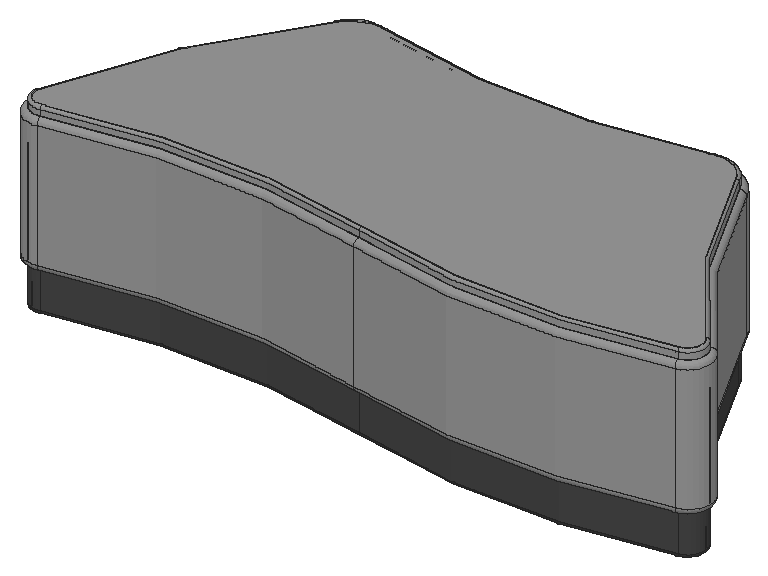
Revit family "16JST Creator Trapezoid Bench Lam Top", category Generic Models, Revit 2018
Family settings
  Can host rebar = No
  Round Connector Dimension = Use Diameter
  Part Type = Normal
  Work Plane-Based = No
  Always vertical = Yes
  Cut with Voids When Loaded = No
  Shared = No
  Room Calculation Point = No
Parameters
  Surface = 16JST Creator Trapezoid Surface
  Fabric = 16JST Creator Trapezoid Fabric
  Edgeband = 16JST Creator Trapezoid Edgeband
Reference planes (in)
  plane 1 "Center (Front/Back)": y = 0
  plane 2: z = 0
  plane 3 "Center (Left/Right)": x = 0
Forms (in)
  Extrusion 1, solid, material "16JST Creator Trapezoid Fabric" <- "Fabric"
    sketch origin (0, 0, 0) x (1, 0, 0) y (0, 1, 0)
      loop
        arc (-18.34093, 14.63588) -> (-24.32295, 5.16294) -> (-28.33638, -5.29716) r 56.99701
        arc (-28.33638, -5.29716) -> (-27.9615, -6.74182) -> (-26.52438, -7.14461) r 1.49712
        arc (-26.52438, -7.14461) -> (-13.01097, -5.36703) -> (0.54415, -6.79199) r 58.00276
        arc (0.54415, -6.79199) -> (14.06706, -8.18924) -> (27.5362, -6.34428) r 56.99701
        arc (27.5362, -6.34428) -> (28.59987, -5.2973) -> (28.23013, -3.85132) r 1.49712
        arc (28.23013, -3.85132) -> (21.38935, 4.64274) -> (16.25956, 14.26721) r 58.00276
        arc (16.25956, 14.26721) -> (14.75537, 15.87321) -> (12.56682, 16.10131) r 3.14711
        arc (12.56682, 16.10131) -> (-1.26789, 14.25496) -> (-15.14313, 15.76698) r 58.00276
        arc (-15.14313, 15.76698) -> (-16.90745, 15.66911) -> (-18.34093, 14.63588) r 3.14711
    from 4 to 15.75
  Sweep 2, solid, material "16JST Creator Trapezoid Fabric" <- "Fabric"
    path origin (0, 0, 0) x (1, 0, 0) y (0, 1, 0)
      loop
        arc (12.56682, 16.10131) -> (-1.26789, 14.25496) -> (-15.14313, 15.76698) r 58.00276
        arc (-15.14313, 15.76698) -> (-16.90745, 15.66911) -> (-18.34093, 14.63588) r 3.14711
        arc (-18.34093, 14.63588) -> (-24.32295, 5.16294) -> (-28.33638, -5.29716) r 56.99701
        arc (-28.33638, -5.29716) -> (-27.9615, -6.74182) -> (-26.52438, -7.14461) r 1.49712
        arc (-26.52438, -7.14461) -> (-13.01097, -5.36703) -> (0.54415, -6.79199) r 58.00276
        arc (0.54415, -6.79199) -> (14.06706, -8.18924) -> (27.5362, -6.34428) r 56.99701
        arc (27.5362, -6.34428) -> (28.59987, -5.2973) -> (28.23013, -3.85132) r 1.49712
        arc (28.23013, -3.85132) -> (21.38935, 4.64274) -> (16.25956, 14.26721) r 58.00276
        arc (16.25956, 14.26721) -> (14.75537, 15.87321) -> (12.56682, 16.10131) r 3.14711
    profile origin (-1.26789, 14.25496, 0) x (0.012065, -0.999927, 0) y (0, 0, 1)
      loop
        line (0, 4) -> (0, 15.75)
        arc (0, 15.75) -> (-0.35355, 15.60355) -> (-0.5, 15.25) r 0.5
        line (-0.5, 15.25) -> (-0.5, 4.5)
        arc (-0.5, 4.5) -> (-0.35355, 4.14645) -> (0, 4) r 0.5
  Extrusion 3, solid, material "16JS Frame"
    sketch origin (0, 0, 0) x (1, 0, 0) y (0, 1, 0)
      loop
        arc (-15.19991, 15.52351) -> (-16.82408, 15.43342) -> (-18.14369, 14.48227) r 2.89711
        arc (-18.14369, 14.48227) -> (-24.09948, 5.05087) -> (-28.0953, -5.36335) r 56.74701
        arc (-28.0953, -5.36335) -> (-27.78302, -6.56676) -> (-26.58588, -6.90229) r 1.24712
        arc (-26.58588, -6.90229) -> (-13.01423, -5.11705) -> (0.59932, -6.54815) r 58.25276
        arc (0.59932, -6.54815) -> (14.06292, -7.93927) -> (27.47298, -6.10241) r 56.74701
        arc (27.47298, -6.10241) -> (28.35902, -5.23026) -> (28.05103, -4.02574) r 1.24712
        arc (28.05103, -4.02574) -> (21.18076, 4.50493) -> (16.02886, 14.17088) r 58.25276
        arc (16.02886, 14.17088) -> (14.64416, 15.6493) -> (12.62947, 15.85929) r 2.89711
        arc (12.62947, 15.85929) -> (-1.26487, 14.00498) -> (-15.19991, 15.52351) r 58.25276
    from 0.5 to 4
  Sweep 4, solid, material "16JS Frame"
    path origin (0, 0, 0) x (1, 0, 0) y (0, 1, 0)
      loop
        arc (12.62947, 15.85929) -> (-1.26487, 14.00498) -> (-15.19991, 15.52351) r 58.25276
        arc (-15.19991, 15.52351) -> (-16.82408, 15.43342) -> (-18.14369, 14.48227) r 2.89711
        arc (-18.14369, 14.48227) -> (-24.09948, 5.05087) -> (-28.0953, -5.36335) r 56.74701
        arc (-28.0953, -5.36335) -> (-27.78302, -6.56676) -> (-26.58588, -6.90229) r 1.24712
        arc (-26.58588, -6.90229) -> (-13.01423, -5.11705) -> (0.59932, -6.54815) r 58.25276
        arc (0.59932, -6.54815) -> (14.06292, -7.93927) -> (27.47298, -6.10241) r 56.74701
        arc (27.47298, -6.10241) -> (28.35902, -5.23026) -> (28.05103, -4.02574) r 1.24712
        arc (28.05103, -4.02574) -> (21.18076, 4.50493) -> (16.02886, 14.17088) r 58.25276
        arc (16.02886, 14.17088) -> (14.64416, 15.6493) -> (12.62947, 15.85929) r 2.89711
    profile origin (-1.26487, 14.00498, 0) x (0.012065, -0.999927, 0) y (0, 0, 1)
      loop
        line (0, 0.5) -> (0, 4) -> (-0.25, 4) -> (-0.25, 0.75)
        arc (-0.25, 0.75) -> (-0.17678, 0.57322) -> (0, 0.5) r 0.25
  Revolve 5, solid, material "16JS Gliders"
    sketch origin (0, -4.9986, 0) x (1, 0, 0) y (0, 0, 1)
      loop
        line (-26.17344, 0.5) -> (-26.17344, 0) -> (-26.04844, 0)
        arc (-26.04844, 0) -> (-25.87166, 0.07322) -> (-25.79844, 0.25) r 0.25
        line (-25.79844, 0.25) -> (-25.79844, 0.5) -> (-26.17344, 0.5)
      axis (-26.17344, 0) -> (-26.17344, 0.5)
    angle from 0 to 360
  Revolve 6, solid, material "16JS Gliders"
    sketch origin (9.93292, 13.78359, 0) x (1, 0, 0) y (0, 0, 1)
      loop
        line (-26.17344, 0.5) -> (-26.17344, 0) -> (-26.04844, 0)
        arc (-26.04844, 0) -> (-25.87166, 0.07322) -> (-25.79844, 0.25) r 0.25
        line (-25.79844, 0.25) -> (-25.79844, 0.5) -> (-26.17344, 0.5)
      axis (-26.17344, 0) -> (-26.17344, 0.5)
    angle from 0 to 360
  Revolve 7, solid, material "16JS Gliders"
    sketch origin (40.03915, 14.08198, 0) x (1, 0, 0) y (0, 0, 1)
      loop
        line (-26.17344, 0.5) -> (-26.17344, 0) -> (-26.04844, 0)
        arc (-26.04844, 0) -> (-25.87166, 0.07322) -> (-25.79844, 0.25) r 0.25
        line (-25.79844, 0.25) -> (-25.79844, 0.5) -> (-26.17344, 0.5)
      axis (-26.17344, 0) -> (-26.17344, 0.5)
    angle from 0 to 360
  Revolve 8, solid, material "16JS Gliders"
    sketch origin (52.36961, -4.6204, 0) x (1, 0, 0) y (0, 0, 1)
      loop
        line (-26.17344, 0.5) -> (-26.17344, 0) -> (-26.04844, 0)
        arc (-26.04844, 0) -> (-25.87166, 0.07322) -> (-25.79844, 0.25) r 0.25
        line (-25.79844, 0.25) -> (-25.79844, 0.5) -> (-26.17344, 0.5)
      axis (-26.17344, 0) -> (-26.17344, 0.5)
    angle from 0 to 360
  Extrusion 9, solid, material "16JST Creator Trapezoid Surface" <- "Surface"
    sketch origin (0, 0, 0) x (1, 0, 0) y (0, 1, 0)
      loop
        arc (-15.19991, 15.52351) -> (-16.82408, 15.43342) -> (-18.14369, 14.48227) r 2.89711
        arc (-18.14369, 14.48227) -> (-24.09948, 5.05087) -> (-28.0953, -5.36335) r 56.74701
        arc (-28.0953, -5.36335) -> (-27.78302, -6.56676) -> (-26.58588, -6.90229) r 1.24712
        arc (-26.58588, -6.90229) -> (-13.01423, -5.11705) -> (0.59932, -6.54815) r 58.25276
        arc (0.59932, -6.54815) -> (14.06292, -7.93927) -> (27.47298, -6.10241) r 56.74701
        arc (27.47298, -6.10241) -> (28.35902, -5.23026) -> (28.05103, -4.02574) r 1.24712
        arc (28.05103, -4.02574) -> (21.18076, 4.50493) -> (16.02886, 14.17088) r 58.25276
        arc (16.02886, 14.17088) -> (14.64416, 15.6493) -> (12.62947, 15.85929) r 2.89711
        arc (12.62947, 15.85929) -> (-1.26487, 14.00498) -> (-15.19991, 15.52351) r 58.25276
    from 15.75 to 16.5
  Sweep 10, solid, material "16JST Creator Trapezoid Edgeband" <- "Edgeband"
    path origin (0, 0, 0) x (1, 0, 0) y (0, 1, 0)
      loop
        arc (12.62947, 15.85929) -> (-1.26487, 14.00498) -> (-15.19991, 15.52351) r 58.25276
        arc (-15.19991, 15.52351) -> (-16.82408, 15.43342) -> (-18.14369, 14.48227) r 2.89711
        arc (-18.14369, 14.48227) -> (-24.09948, 5.05087) -> (-28.0953, -5.36335) r 56.74701
        arc (-28.0953, -5.36335) -> (-27.78302, -6.56676) -> (-26.58588, -6.90229) r 1.24712
        arc (-26.58588, -6.90229) -> (-13.01423, -5.11705) -> (0.59932, -6.54815) r 58.25276
        arc (0.59932, -6.54815) -> (14.06292, -7.93927) -> (27.47298, -6.10241) r 56.74701
        arc (27.47298, -6.10241) -> (28.35902, -5.23026) -> (28.05103, -4.02574) r 1.24712
        arc (28.05103, -4.02574) -> (21.18076, 4.50493) -> (16.02886, 14.17088) r 58.25276
        arc (16.02886, 14.17088) -> (14.64416, 15.6493) -> (12.62947, 15.85929) r 2.89711
    profile origin (-1.26487, 14.00498, 0) x (0.012065, -0.999927, 0) y (0, 0, 1)
      loop
        line (0, 15.75) -> (0, 16.5)
        arc (0, 16.5) -> (-0.17678, 16.42678) -> (-0.25, 16.25) r 0.25
        line (-0.25, 16.25) -> (-0.25, 15.75) -> (0, 15.75)
Dimensions and locks (in)
  aligned and locked: plane 2 to level
